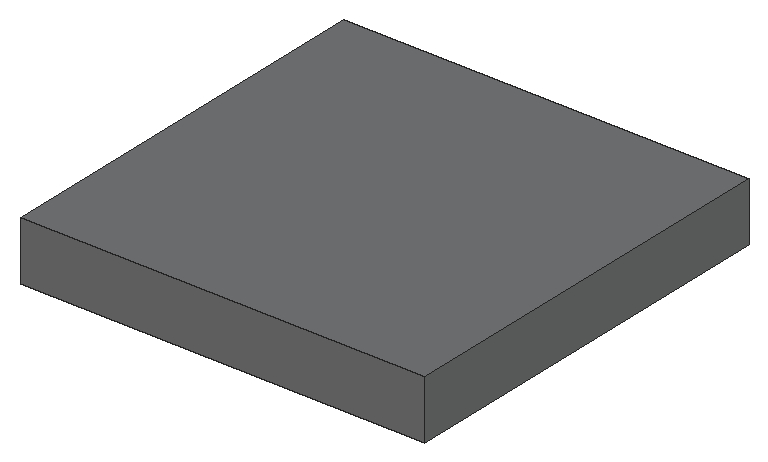
Revit family "Gira_028427", category Electrical Fixtures, host Face, Revit 2017
Family settings
  Host = Face
  Maintain Annotation Orientation = No
  Round Connector Dimension = Use Diameter
  Part Type = Normal
  Cut with Voids When Loaded = No
  Shared = No
  Room Calculation Point = No
Parameters (values of type "Cov. in.sp. UAE/IAE network conn.box System 55 p.white m")
  URL = "http://katalog.gira.de/en/datenblatt.html?artikelnr=028427"
  Transparent = "No"
  Name = "Cov. in.sp. UAE/IAE network conn.box System 55 p.white m"
  Manufacturer URL = "https://www.gira.de/"
  Manufacturer = "Gira"
  Keynote = ""
  HeinzeBIM = "https://bimportal.heinze.de/bim/cov-in-sp-uae-iae-network-conn-box-system-55-p-white-m/0d4b34a9db55910cd8b777f107bd9a08464584c5"
  HAN = "028427"
  GTIN = "4010337284277"
  Description = "Cov.in.sp.UAE IAE network Sys55 PWm,Cover for UAE IAE (ISDN) and network connection box,with inscription space,pure white matt,Features:,- Cover plate can be broken out.,,Notes :,- Suitable for UAE IAE (ISDN) connection boxes."
  Default Elevation = 1219.2 mm
  Data sheet (1) = "https://katalog.gira.de/en/download.html?artikelnr=028427"
  Category = "Insert/cover for communication technology"
  BIM (1) = "https://media.stage.bim.site/public/gira/36a6b08/Sys55_Abdeckung_Schalten und Tasten.rfa?public/gira/36a6b08/Sys55_Abdeckung_Schalten und Tasten.rfa"
  Available = "No"
  Anthrazit [instance] = Anthrazit
Reference planes
  plane 1 "Center (Front/Back)": y = 0
  plane 2: z = 0
  plane 3 "Center (Left/Right)": x = 0
Forms (mm)
  Extrusion 1, solid, material "Anthrazit" <- "Anthrazit", detail levels fine
    sketch origin (0, 0, 0) x (1, 0, 0) y (0, 1, 0)
      loop
        line (-27.5, 27.5) -> (-27.5, -27.5) -> (27.5, -27.5) -> (27.5, 27.5) -> (-27.5, 27.5)
    from 0 to 8
  Extrusion 2, void
    sketch origin (0, 0, 0) x (1, 0, 0) y (0, 1, 0)
      loop
        line (26, 26) -> (-26, 26) -> (-26, -26) -> (26, -26) -> (26, 26)
    from 0 to 6
  Extrusion 3, solid, material "Anthrazit" <- "Anthrazit", detail levels medium
    sketch origin (0, 0, 0) x (1, 0, 0) y (0, 1, 0)
      loop
        line (-27.5, 27.5) -> (-27.5, -27.5) -> (27.5, -27.5) -> (27.5, 27.5) -> (-27.5, 27.5)
    from 0 to 8
  Extrusion 4, solid, material "Anthrazit" <- "Anthrazit", detail levels medium
    sketch origin (0, 0, 0) x (1, 0, 0) y (0, 1, 0)
      loop
        line (11, -17.5) -> (11, 17.5) -> (-11, 17.5) -> (-11, -17.5) -> (11, -17.5)
    from -6 to 6
  Extrusion 5, solid, material "Anthrazit" <- "Anthrazit", detail levels fine
    sketch origin (0, 0, 0) x (1, 0, 0) y (0, 1, 0)
      loop
        line (11, 17.5) -> (-11, 17.5) -> (-11, 16.5) -> (11, 16.5) -> (11, 17.5)
      loop
        line (-11, -16.5) -> (-11, -17.5) -> (11, -17.5) -> (11, -16.5) -> (-11, -16.5)
    from -4 to 6
  Extrusion 6, solid, material "Anthrazit" <- "Anthrazit", detail levels fine
    sketch origin (0, 0, 0) x (1, 0, 0) y (0, 1, 0)
      loop
        arc (5, 9.347) -> (0, 10.6) -> (-5, 9.347) r 10.6
        line (-5, 9.347) -> (-5, -9.347)
        arc (-5, -9.347) -> (0, -10.6) -> (5, -9.347) r 10.6
        line (5, -9.347) -> (5, 9.347)
    from -6 to 6
  Extrusion 7, solid, material "Anthrazit" <- "Anthrazit", detail levels coarse
    sketch origin (0, 0, 0) x (1, 0, 0) y (0, 1, 0)
      loop
        line (-27.5, 27.5) -> (-27.5, -27.5) -> (27.5, -27.5) -> (27.5, 27.5) -> (-27.5, 27.5)
    from -6 to 8
Cuts and joins
  Extrusion 2 cuts Extrusion 1
Dimensions and locks
  aligned and locked: plane 2 to host face
  aligned and locked: level to host face
